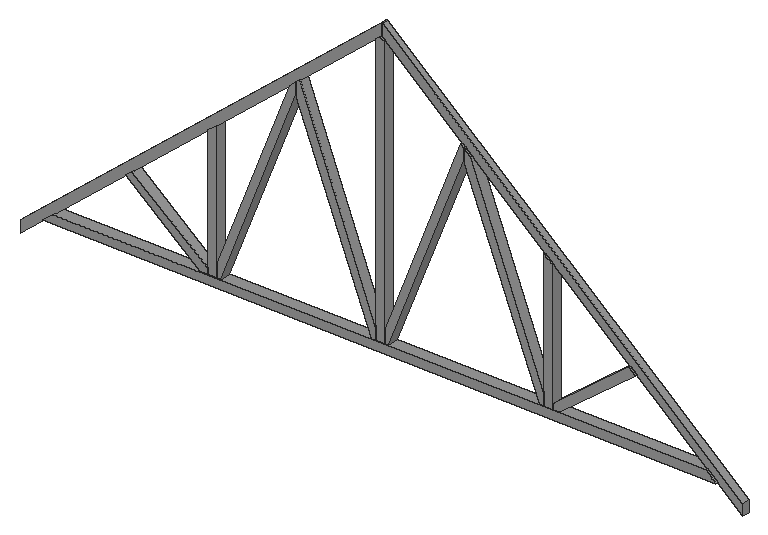
Revit family "TripleFanTruss", category Structural Framing, Revit 2022
Family settings
  Section Shape = Not Defined
  Material for Model Behavior = Wood
  Always export as geometry = No
  OmniClass Number = 23.25.30.21.14
  OmniClass Title = Trussed Beams and Joists
  Work Plane-Based = No
  Always vertical = Yes
  Cut with Voids When Loaded = No
  Symbolic Representation = From Family
  Shared = No
  Show family pre-cut in plan views = Yes
Parameters
  WebWidth [instance] = 120 mm
  WebDepth [instance] = 100 mm
  T_Volume [instance] = 0.00 m³
  TopWidth [instance] = 80 mm
  Structural Material [instance] = Poche
  SpanRight [instance] = 4000 mm
  SpanLeft [instance] = 4000 mm
  Span [instance] = SpanLeft + SpanRight  # 8000 mm
  SlopeRight [instance] = 40.00°
  SlopeLeft [instance] = 40.00°
  OverhangRight [instance] = 300 mm
  OverhangLeft [instance] = 300 mm
  TopDepth [instance] = 100 mm
  BottomWidth [instance] = 150 mm
  BottomDepth [instance] = 100 mm
Reference planes
  plane 1 "Center (Front/Back)": y = 0
  plane 2: z = 0
  plane 3 "Center (Left/Right)": x = 0
  plane 4: x = -4000
  plane 5: x = 4000
  plane 6: x = 4300
  plane 7: x = -4300
  plane 8: z = 100
  plane 9: x = 50
  plane 10: x = -50
  plane 11: x = -1000
  plane 12: x = -3000
  plane 13: x = -2000
  plane 14: x = 1000
  plane 15: x = 3000
  plane 16: x = 2000
  plane 17: x = -1950
  plane 18: x = -2050
  plane 19: x = 2050
  plane 20: x = 1950
Forms (mm)
  Extrusion 1, solid, material "Cherry"
    sketch origin (0, 0, 0) x (1, 0, 0) y (0, 0, 1)
      loop
        line (50, 236.699) -> (50, 100) -> (103.723, 100) -> (1000, 2380.6) -> (1000, 2517.299) -> (959.6, 2551.199) -> (50, 236.699)
    from -60 to 60
  Extrusion 2, solid, material "Cherry"
    sketch origin (0, 0, 0) x (1, 0, 0) y (0, 0, 1)
      loop
        line (-103.723, 100) -> (-50, 100) -> (-50, 236.699) -> (-959.6, 2551.199) -> (-1000, 2517.299) -> (-1000, 2380.6) -> (-103.723, 100)
    from -60 to 60
  Extrusion 3, solid, material "Cherry"
    sketch origin (0, 0, 0) x (1, 0, 0) y (0, 0, 1)
      loop
        line (1896.277, 100) -> (1950, 100) -> (1950, 236.699) -> (1080.155, 2450.041) -> (1000, 2517.299) -> (1000, 2380.6) -> (1896.277, 100)
    from -60 to 60
  Extrusion 4, solid, material "Cherry"
    sketch origin (0, 0, 0) x (1, 0, 0) y (0, 0, 1)
      loop
        line (-1950, 236.699) -> (-1950, 100) -> (-1896.277, 100) -> (-1000, 2380.6) -> (-1000, 2517.299) -> (-1080.155, 2450.041) -> (-1950, 236.699)
    from -60 to 60
  Extrusion 5, solid, material "Cherry"
    sketch origin (0, 0, 0) x (1, 0, 0) y (0, 0, 1)
      loop
        line (-2130.378, 100) -> (-2050, 100) -> (-2050, 163.859) -> (-2951.321, 879.946) -> (-3029.504, 814.343) -> (-2130.378, 100)
    from -60 to 60
  Extrusion 6, solid, material "Cherry"
    sketch origin (0, 0, 0) x (1, 0, 0) y (0, 0, 1)
      loop
        line (2050, 163.35) -> (2050, 100) -> (2131.427, 100) -> (3039.175, 806.228) -> (2960.825, 871.971) -> (2050, 163.35)
    from -60 to 60
  Extrusion 7, solid, material "Cherry"
    sketch origin (0, 0, 0) x (1, 0, 0) y (0, 0, 1)
      loop
        line (1950, 1720.154) -> (1950, 100) -> (2050, 100) -> (2050, 1636.244) -> (1950, 1720.154)
    from -60 to 60
  Extrusion 8, solid, material "Cherry"
    sketch origin (0, 0, 0) x (1, 0, 0) y (0, 0, 1)
      loop
        line (-2050, 1636.244) -> (-2050, 100) -> (-1950, 100) -> (-1950, 1720.154) -> (-2050, 1636.244)
    from -60 to 60
  Extrusion 9, solid, material "Cherry"
    sketch origin (0, 0, 0) x (1, 0, 0) y (0, 0, 1)
      loop
        line (-50, 3314.444) -> (-50, 100) -> (50, 100) -> (50, 3314.444) -> (0, 3356.399) -> (-50, 3314.444)
    from -60 to 60
  Extrusion 10, solid, material "Cherry"
    sketch origin (0, 0, 0) x (1, 0, 0) y (0, 0, 1)
      loop
        line (4000, 0) -> (3880.825, 100) -> (-3880.825, 100) -> (-4000, 0) -> (4000, 0)
    from -75 to 75
  Extrusion 11, solid, material "Cherry"
    sketch origin (0, 0, 0) x (1, 0, 0) y (0, 0, 1)
      loop
        line (4300, -251.73) -> (4300, -121.189) -> (0, 3486.939) -> (0, 3356.399) -> (4300, -251.73)
    from -40 to 40
  Extrusion 12, solid, material "Cherry"
    sketch origin (0, 0, 0) x (1, 0, 0) y (0, 0, 1)
      loop
        line (-4300, -251.73) -> (0, 3356.399) -> (0, 3486.939) -> (-4300, -121.189) -> (-4300, -251.73)
    from -40 to 40
Lines and regions (mm)
  reference lines
    curve 1: line (4000, 0, 0) -> (0, 0, 3356.399)
    curve 2: line (-4000, 0, 0) -> (0, 0, 3356.399)
    curve 3: line (4001.738, 0, 129.083) -> (-8.024, 0, 3493.672)
    curve 4: line (-3996.012, 0, 133.887) -> (-84.65, 0, 3415.91)
    curve 5: line (0, 40, 1939.254) -> (0, 40, -520.746)
    curve 6: line (0, -40, 1939.254) -> (0, -40, -520.746)
    curve 7: line (0, -60, 1939.254) -> (0, -60, -520.746)
    curve 8: line (0, -75, 1939.254) -> (0, -75, -520.746)
    curve 9: line (0, 60, 1939.254) -> (0, 60, -520.746)
    curve 10: line (0, 75, 1939.254) -> (0, 75, -520.746)
    curve 11: line (-2050, 0, 100) -> (-2990.412, 0, 847.145)
    curve 12: line (-1950, 0, 100) -> (-1000, 0, 2517.299)
    curve 13: line (-50, 0, 100) -> (-1000, 0, 2517.299)
    curve 14: line (50, 0, 100) -> (1000, 0, 2517.299)
    curve 15: line (1950, 0, 100) -> (1000, 0, 2517.299)
    curve 16: line (1910.156, 0, 64.685) -> (906.443, 0, 2618.658)
    curve 17: line (1999.352, 0, 111.122) -> (1093.557, 0, 2415.94)
    curve 18: line (6.443, 0, 125.867) -> (906.443, 0, 2415.94)
    curve 19: line (89.844, 0, 64.685) -> (1093.557, 0, 2618.658)
    curve 20: line (-6.443, 0, 125.867) -> (-906.443, 0, 2415.94)
    curve 21: line (-89.844, 0, 64.685) -> (-1093.557, 0, 2618.658)
    curve 22: line (-1993.557, 0, 125.867) -> (-1093.557, 0, 2415.94)
    curve 23: line (-1910.156, 0, 64.685) -> (-906.443, 0, 2618.658)
    curve 24: line (-2035.721, 0, 152.515) -> (-2926.134, 0, 859.935)
    curve 25: line (-2003.093, 0, -1.126) -> (-3054.691, 0, 834.354)
    curve 26: line (2050, 0, 100) -> (3000, 0, 839.1)
    curve 27: line (1995.492, 0, 120.943) -> (2960.825, 0, 871.971)
    curve 28: line (2048.937, 0, 35.823) -> (3039.175, 0, 806.228)
Dimensions and locks
  "SpanLeft": plane 3 "Center (Left/Right)" to plane 5
  "SpanRight": plane 3 "Center (Left/Right)" to plane 4
  "OverhangLeft": plane 5 to plane 6
  "OverhangRight": plane 7 to plane 4
  "BottomDepth": level to plane 8
  "TopDepth": curve 1 to curve 3
  "TopDepth": curve 4 to curve 2
  equal spacing: curve 5, curve 4, curve 6
  "TopWidth": curve 5 to curve 6
  equal spacing: curve 9, curve 4, curve 7
  "WebWidth": curve 9 to curve 7
  equal spacing: curve 10, curve 4, curve 8
  "BottomWidth": curve 10 to curve 8
  plane 5 to plane 3 "Center (Left/Right)" = 4000 mm
  plane 4 to plane 3 "Center (Left/Right)" = 4000 mm
  equal spacing: plane 3 "Center (Left/Right)", plane 11, plane 13, plane 12, plane 4
  equal spacing: plane 3 "Center (Left/Right)", plane 14, plane 16, plane 15, plane 5
  equal spacing: plane 10, plane 3 "Center (Left/Right)", plane 9
  equal spacing: plane 18, plane 13, plane 17
  equal spacing: plane 20, plane 16, plane 19
  "WebDepth": plane 20 to plane 19
  "WebDepth": plane 10 to plane 9
  "WebDepth": plane 18 to plane 17
  equal spacing: curve 16, curve 15, curve 17
  "WebDepth": curve 16 to curve 17
  equal spacing: curve 18, curve 14, curve 19
  "WebDepth": curve 18 to curve 19
  equal spacing: curve 21, curve 13, curve 20
  "WebDepth": curve 21 to curve 20
  equal spacing: curve 22, curve 12, curve 23
  "WebDepth": curve 22 to curve 23
  equal spacing: curve 25, curve 11, curve 24
  "WebDepth": curve 25 to curve 24
  equal spacing: curve 27, curve 26, curve 28
  "WebDepth": curve 27 to curve 28
  "SlopeLeft": angle level to curve 1
  "SlopeRight": angle curve 2 to level
  aligned and locked: plane 2 to level
  aligned and locked: plane 3 "Center (Left/Right)" to curve 2
  aligned and locked: level to curve 2
  aligned and locked: plane 4 to curve 2
  aligned and locked: curve 1 to level
  aligned and locked: curve 18 to Extrusion 1 sketch curve
  aligned and locked: curve 19 to Extrusion 1 sketch curve
  aligned and locked: Extrusion 1 sketch curve to plane 14
  aligned and locked: curve 1 to Extrusion 1 sketch curve
  aligned and locked: plane 9 to Extrusion 1 sketch curve
  aligned and locked: plane 8 to Extrusion 1 sketch curve
  aligned and locked: curve 21 to Extrusion 2 sketch curve
  aligned and locked: curve 20 to Extrusion 2 sketch curve
  aligned and locked: Extrusion 2 sketch curve to plane 10
  aligned and locked: plane 8 to Extrusion 2 sketch curve
  aligned and locked: plane 11 to Extrusion 2 sketch curve
  aligned and locked: curve 2 to Extrusion 2 sketch curve
  aligned and locked: curve 16 to Extrusion 3 sketch curve
  aligned and locked: curve 17 to Extrusion 3 sketch curve
  aligned and locked: Extrusion 3 sketch curve to plane 20
  aligned and locked: plane 8 to Extrusion 3 sketch curve
  aligned and locked: Extrusion 3 sketch curve to plane 14
  aligned and locked: curve 1 to Extrusion 3 sketch curve
  aligned and locked: curve 22 to Extrusion 4 sketch curve
  aligned and locked: curve 23 to Extrusion 4 sketch curve
  aligned and locked: curve 2 to Extrusion 4 sketch curve
  aligned and locked: plane 11 to Extrusion 4 sketch curve
  aligned and locked: plane 17 to Extrusion 4 sketch curve
  aligned and locked: plane 8 to Extrusion 4 sketch curve
  aligned and locked: curve 25 to Extrusion 5 sketch curve
  aligned and locked: curve 24 to Extrusion 5 sketch curve
  aligned and locked: Extrusion 5 sketch curve to plane 18
  aligned and locked: plane 8 to Extrusion 5 sketch curve
  aligned and locked: curve 2 to Extrusion 5 sketch curve
  aligned and locked: curve 27 to Extrusion 6 sketch curve
  aligned and locked: curve 28 to Extrusion 6 sketch curve
  aligned and locked: curve 1 to Extrusion 6 sketch curve
  aligned and locked: plane 19 to Extrusion 6 sketch curve
  aligned and locked: plane 8 to Extrusion 6 sketch curve
  aligned and locked: Extrusion 7 sketch curve to plane 20
  aligned and locked: plane 19 to Extrusion 7 sketch curve
  aligned and locked: curve 1 to Extrusion 7 sketch curve
  aligned and locked: plane 8 to Extrusion 7 sketch curve
  aligned and locked: Extrusion 8 sketch curve to plane 18
  aligned and locked: plane 17 to Extrusion 8 sketch curve
  aligned and locked: curve 2 to Extrusion 8 sketch curve
  aligned and locked: plane 8 to Extrusion 8 sketch curve
  aligned and locked: Extrusion 9 sketch curve to plane 10
  aligned and locked: plane 9 to Extrusion 9 sketch curve
  aligned and locked: curve 2 to Extrusion 9 sketch curve
  aligned and locked: curve 1 to Extrusion 9 sketch curve
  aligned and locked: plane 8 to Extrusion 9 sketch curve
  aligned and locked: curve 9 to Extrusion 5
  aligned and locked: Extrusion 5 to curve 7
  aligned and locked: curve 9 to Extrusion 8
  aligned and locked: Extrusion 8 to curve 7
  aligned and locked: Extrusion 4 to curve 9
  aligned and locked: Extrusion 4 to curve 7
  aligned and locked: Extrusion 2 to curve 9
  aligned and locked: Extrusion 2 to curve 7
  aligned and locked: Extrusion 9 to Extrusion 2  (x2)
  aligned and locked: curve 9 to Extrusion 7
  aligned and locked: Extrusion 7 to curve 7
  aligned and locked: Extrusion 1 to curve 9
  aligned and locked: Extrusion 1 to curve 7
  aligned and locked: Extrusion 3 to curve 9
  aligned and locked: Extrusion 3 to curve 7
  aligned and locked: curve 9 to Extrusion 6
  aligned and locked: Extrusion 6 to curve 7
  aligned and locked: Extrusion 10 sketch curve to level
  aligned and locked: plane 8 to Extrusion 10 sketch curve
  aligned and locked: Extrusion 10 sketch curve to curve 1
  aligned and locked: Extrusion 10 sketch curve to curve 2
  aligned and locked: curve 10 to Extrusion 10
  aligned and locked: Extrusion 10 to curve 8
  aligned and locked: Extrusion 11 sketch curve to curve 1
  aligned and locked: Extrusion 11 sketch curve to curve 3
  aligned and locked: Extrusion 11 sketch curve to plane 6
  aligned and locked: Extrusion 11 sketch curve to plane 3 "Center (Left/Right)"
  aligned and locked: Extrusion 12 sketch curve to curve 2
  aligned and locked: Extrusion 12 sketch curve to curve 4
  aligned and locked: Extrusion 12 sketch curve to plane 3 "Center (Left/Right)"
  aligned and locked: plane 7 to Extrusion 12 sketch curve
  aligned and locked: Extrusion 12 to curve 5
  aligned and locked: Extrusion 12 to curve 6
  aligned and locked: Extrusion 11 to curve 5
  aligned and locked: Extrusion 11 to curve 6
Automatic sketch dimensions
  curve 11 to plane 8 = 0 mm
  curve 11 to plane 18 = 0 mm
  curve 12 to plane 8 = 0 mm
  plane 17 to curve 12 = 0 mm
  plane 11 to curve 13 = 0 mm
  curve 13 to plane 8 = 0 mm
  curve 13 to plane 10 = 0 mm
  curve 14 to plane 8 = 0 mm
  plane 9 to curve 14 = 0 mm
  curve 14 to plane 14 = 0 mm
  curve 15 to plane 8 = 0 mm
  curve 15 to plane 20 = 0 mm
  curve 26 to plane 8 = 0 mm
  plane 19 to curve 26 = 0 mm
  curve 26 to plane 15 = 0 mm
  curve 4 to plane 4 = 3.988 mm
  plane 12 to curve 25 = 54.691 mm
  curve 11 to plane 12 = 9.588 mm
  curve 24 to plane 12 = 73.866 mm
  plane 18 to curve 24 = 14.279 mm
  curve 22 to plane 13 = 6.443 mm
  curve 23 to plane 8 = 35.315 mm
  curve 25 to level = 1.126 mm
  plane 11 to curve 22 = 93.557 mm
  curve 21 to curve 22 = 0 mm
  curve 20 to plane 11 = 93.557 mm
  curve 23 to curve 20 = 0 mm
  curve 21 to plane 8 = 35.315 mm
  curve 4 to plane 10 = 34.65 mm
  curve 3 to plane 3 "Center (Left/Right)" = 8.024 mm
  curve 20 to plane 3 "Center (Left/Right)" = 6.443 mm
  plane 3 "Center (Left/Right)" to curve 18 = 6.443 mm
  curve 19 to plane 8 = 35.315 mm
  curve 16 to plane 14 = 93.557 mm
  curve 16 to curve 18 = 0 mm
  plane 14 to curve 19 = 93.557 mm
  curve 19 to curve 17 = 0 mm
  curve 16 to plane 8 = 35.315 mm
  curve 17 to plane 16 = 0.648 mm
  plane 19 to curve 28 = 1.063 mm
  curve 3 to plane 5 = 1.738 mm
  curve 10 to level = 520.746 mm
  curve 5 to curve 10 = 0 mm
  curve 8 to curve 5 = 0 mm
  curve 8 to curve 6 = 0 mm  (x2)
  curve 8 to curve 7 = 0 mm  (x2)
  curve 9 to curve 10 = 0 mm  (x2)
  plane 8 to curve 6 = 1839.254 mm
  curve 6 to curve 9 = 0 mm
  curve 5 to curve 9 = 0 mm
